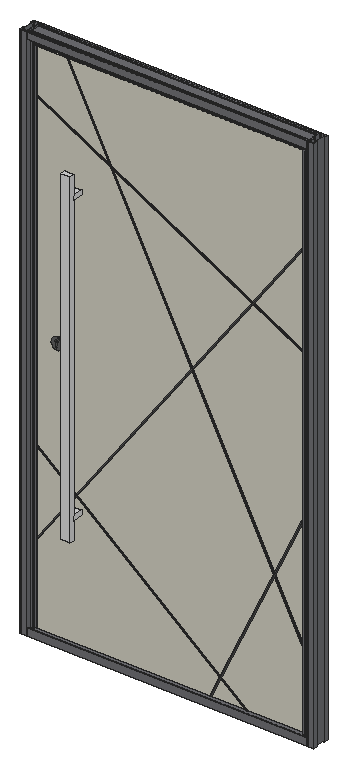
Revit family "YC1324P C2 CHAM RH", category Doors, host Wall, Revit 2024
Family settings
  Host = Wall
  OmniClass Number = 23.30.10.00
  OmniClass Title = Doors
  Always vertical = Yes
  Cut with Voids When Loaded = No
  Shared = No
  Room Calculation Point = No
Parameters
  Function = Interior
  Frame Projection Ext. = 25 mm
  Frame Projection Int. = 25 mm
  Frame Width = 75 mm
  Height = 2380 mm
  Wall Closure = By host
  Width = 1290 mm
  Analytic Construction = "<None>"
Reference planes
  plane 1: y = 0
  plane 2 "Center (Left/Right)": x = 0
  plane 3 "Left": x = -645
  plane 4 "Right": x = 645
  plane 5: z = 2380
  plane 6 "Exterior": y = 75
  plane 7 "Interior": y = -75
  plane 8: z = 33.5
Forms (mm)
  Sweep 1, solid, material "ALUMINIUM CHAR (TEST)"
    path origin (0, 75, 0) x (1, 0, 0) y (0, 0, 1)
      loop
        line (-601.2, 30) -> (-601.2, 2335) -> (600, 2335) -> (600, 30)
    profile origin (-0.6, 75, 2335) x (0, 0, 1) y (0, -1, 0)
      loop
        line (15, 55) -> (2.8, 55) -> (2.8, 61.5) -> (0.5, 61.5) -> (0.5, 88.5) -> (2.8, 88.5) -> (2.8, 95) -> (15, 95) -> (15, 97) -> (-0.5, 97)
        arc (-0.5, 97) -> (-1.207, 96.707) -> (-1.5, 96) r 1
        line (-1.5, 96) -> (-1.5, 93.9) -> (-0.5, 93.9) -> (-0.5, 95) -> (1, 95) -> (1, 90.5) -> (-0.5, 90.5) -> (-0.5, 91.631) -> (-1.5, 91.631) -> (-1.5, 58.369) -> (-0.5, 58.369) -> (-0.5, 59.5) -> (1, 59.5) -> (1, 55) -> (-0.5, 55) -> (-0.5, 56.1) -> (-1.5, 56.1) -> (-1.5, 54)
        arc (-1.5, 54) -> (-1.207, 53.293) -> (-0.5, 53) r 1
        line (-0.5, 53) -> (15, 53) -> (15, 55)
  Extrusion 2, solid, material "ALUMINIUM CHAR (TEST)"
    sketch origin (0, 0, 0) x (0, 1, 0) y (0, 0, 1)
      loop
        line (37.5, 2380) -> (22, 2380) -> (22, 2378.5) -> (24.5, 2378.5) -> (24.5, 2375.5) -> (-24.5, 2375.5) -> (-24.5, 2378.5) -> (-22, 2378.5) -> (-22, 2380) -> (-37.5, 2380) -> (-37.5, 2350) -> (-4.189, 2350) -> (7.651, 2350) -> (37.5, 2350) -> (37.5, 2380)
      loop
        line (32.168, 2378.2) -> (30.896, 2376.928) -> (29.5, 2378.324) -> (28, 2376.824) -> (26.3, 2378.524) -> (26.3, 2375.8)
        arc (26.3, 2375.8) -> (25.685, 2374.315) -> (24.2, 2373.7) r 2.1
        line (24.2, 2373.7) -> (-24.2, 2373.7)
        arc (-24.2, 2373.7) -> (-25.685, 2374.315) -> (-26.3, 2375.8) r 2.1
        line (-26.3, 2375.8) -> (-26.3, 2378.524) -> (-28, 2376.824) -> (-29.5, 2378.324) -> (-30.896, 2376.928) -> (-32.168, 2378.2) -> (-35.6, 2378.2) -> (-35.6, 2351.8) -> (-32.168, 2351.8) -> (-30.896, 2353.072) -> (-29.5, 2351.676) -> (-28, 2353.176) -> (-26.624, 2351.8) -> (-19.438, 2351.8) -> (26.624, 2351.8) -> (28, 2353.176) -> (29.5, 2351.676) -> (30.896, 2353.072) -> (32.168, 2351.8) -> (35.6, 2351.8) -> (35.6, 2378.2) -> (32.168, 2378.2)
      loop
        line (37.5, 0) -> (37.5, 30) -> (7.651, 30) -> (-4.189, 30) -> (-37.5, 30) -> (-37.5, 0) -> (-22, 0) -> (-22, 1.5) -> (-24.5, 1.5) -> (-24.5, 4.5) -> (24.5, 4.5) -> (24.5, 1.5) -> (22, 1.5) -> (22, 0) -> (37.5, 0)
      loop
        line (32.168, 1.8) -> (35.6, 1.8) -> (35.6, 28.2) -> (32.168, 28.2) -> (30.896, 26.928) -> (29.5, 28.324) -> (28, 26.824) -> (26.624, 28.2) -> (-19.438, 28.2) -> (-26.624, 28.2) -> (-28, 26.824) -> (-29.5, 28.324) -> (-30.896, 26.928) -> (-32.168, 28.2) -> (-35.6, 28.2) -> (-35.6, 1.8) -> (-32.168, 1.8) -> (-30.896, 3.072) -> (-29.5, 1.676) -> (-28, 3.176) -> (-26.3, 1.476) -> (-26.3, 4.2)
        arc (-26.3, 4.2) -> (-25.685, 5.685) -> (-24.2, 6.3) r 2.1
        line (-24.2, 6.3) -> (24.2, 6.3)
        arc (24.2, 6.3) -> (25.685, 5.685) -> (26.3, 4.2) r 2.1
        line (26.3, 4.2) -> (26.3, 1.476) -> (28, 3.176) -> (29.5, 1.676) -> (30.896, 3.072) -> (32.168, 1.8)
    from -615 to 615
  Extrusion 3, solid, material "ALUMINIUM CHAR (TEST)"
    sketch origin (0, 0, 30) x (1, 0, 0) y (0, 1, 0)
      loop
        arc (598.5, 21) -> (597.5, 22) -> (596.5, 21) r 1
        line (596.5, 21) -> (596.5, -21.179)
        arc (596.5, -21.179) -> (596.26, -21.76) -> (595.679, -22) r 0.821
        line (595.679, -22) -> (584.5, -22)
        arc (584.5, -22) -> (583.5, -23) -> (584.5, -24) r 1
        line (584.5, -24) -> (597.679, -24)
        arc (597.679, -24) -> (598.26, -23.76) -> (598.5, -23.179) r 0.821
        line (598.5, -23.179) -> (598.5, 21)
      loop
        arc (-599.7, -21) -> (-598.7, -22) -> (-597.7, -21) r 1
        line (-597.7, -21) -> (-597.7, 21.179)
        arc (-597.7, 21.179) -> (-597.459, 21.76) -> (-596.879, 22) r 0.821
        line (-596.879, 22) -> (-585.7, 22)
        arc (-585.7, 22) -> (-584.7, 23) -> (-585.7, 24) r 1
        line (-585.7, 24) -> (-598.879, 24)
        arc (-598.879, 24) -> (-599.459, 23.76) -> (-599.7, 23.179) r 0.821
        line (-599.7, 23.179) -> (-599.7, -21)
    from 0 to 2303.5
  Extrusion 4, solid, material "ALUMINIUM CHAR (TEST)"
    sketch origin (-25, 22, 130) x (1, 0, 0) y (0, 0, 1)
      loop
        line (620, 2199) -> (608, 2199) -> (608, -94) -> (620, -94) -> (620, 2199)
      loop
        line (-570, 2199) -> (-570, -94) -> (-558, -94) -> (-558, 2199) -> (-570, 2199)
    from 0 to 44
  Extrusion 5, solid, material "ALUMINIUM (CHAMPAGNE TEST)"
    sketch origin (-25, 22, 130) x (1, 0, 0) y (0, 0, 1)
      loop
        line (608, 2199) -> (-558, 2199) -> (-558, -94) -> (608, -94) -> (608, 2199)
    from 0 to 4
  Extrusion 6, solid, material "ALUMINIUM (CHAMPAGNE TEST)"
    sketch origin (-25, -22, 130) x (1, 0, 0) y (0, 0, -1)
      loop
        line (608, -2199) -> (608, 94) -> (-558, 94) -> (-558, -2199) -> (608, -2199)
    from 0 to 4
  Extrusion 7, solid, material "ALUMINIUM CHAR (TEST)"
    sketch origin (0, 0, 0) x (1, 0, 0) y (0, 1, 0)
      loop
        line (-645, 37.5) -> (-645, 22) -> (-643.5, 22) -> (-643.5, 24.5) -> (-640.5, 24.5) -> (-640.5, -24.5) -> (-643.5, -24.5) -> (-643.5, -22) -> (-645, -22) -> (-645, -37.5) -> (-615, -37.5) -> (-615, -17) -> (-615.993, -17) -> (-616.394, -18.496) -> (-617.6, -18.496) -> (-617.6, -0.254) -> (-616.306, -0.254) -> (-616.066, -3) -> (-615, -3) -> (-615, 37.5) -> (-645, 37.5)
      loop
        line (-616.8, 26.624) -> (-618.176, 28) -> (-616.676, 29.5) -> (-618.072, 30.896) -> (-616.8, 32.168) -> (-616.8, 35.6) -> (-643.2, 35.6) -> (-643.2, 32.168) -> (-641.928, 30.896) -> (-643.324, 29.5) -> (-641.824, 28) -> (-643.524, 26.3) -> (-640.8, 26.3)
        arc (-640.8, 26.3) -> (-639.315, 25.685) -> (-638.7, 24.2) r 2.1
        line (-638.7, 24.2) -> (-638.7, -24.2)
        arc (-638.7, -24.2) -> (-639.315, -25.685) -> (-640.8, -26.3) r 2.1
        line (-640.8, -26.3) -> (-643.524, -26.3) -> (-641.824, -28) -> (-643.324, -29.5) -> (-641.928, -30.896) -> (-643.2, -32.168) -> (-643.2, -35.6) -> (-616.8, -35.6) -> (-616.8, -32.168) -> (-618.072, -30.896) -> (-616.676, -29.5) -> (-618.176, -28) -> (-616.8, -26.624) -> (-616.8, -20.239)
        arc (-616.8, -20.239) -> (-618.596, -19.852) -> (-619.4, -18.2) r 2.1
        line (-619.4, -18.2) -> (-619.4, -0.55)
        arc (-619.4, -0.55) -> (-618.596, 1.102) -> (-616.8, 1.49) r 2.1
        line (-616.8, 1.49) -> (-616.8, 26.624)
      loop
        line (645, 37.5) -> (615, 37.5) -> (615, -3) -> (616.066, -3) -> (616.306, -0.254) -> (617.6, -0.254) -> (617.6, -18.496) -> (616.394, -18.496) -> (615.993, -17) -> (615, -17) -> (615, -37.5) -> (645, -37.5) -> (645, -22) -> (643.5, -22) -> (643.5, -24.5) -> (640.5, -24.5) -> (640.5, 24.5) -> (643.5, 24.5) -> (643.5, 22) -> (645, 22) -> (645, 37.5)
      loop
        line (616.8, 26.624) -> (616.8, 1.49)
        arc (616.8, 1.49) -> (618.596, 1.102) -> (619.4, -0.55) r 2.1
        line (619.4, -0.55) -> (619.4, -18.2)
        arc (619.4, -18.2) -> (618.596, -19.852) -> (616.8, -20.239) r 2.1
        line (616.8, -20.239) -> (616.8, -26.624) -> (618.176, -28) -> (616.676, -29.5) -> (618.072, -30.896) -> (616.8, -32.168) -> (616.8, -35.6) -> (643.2, -35.6) -> (643.2, -32.168) -> (641.928, -30.896) -> (643.324, -29.5) -> (641.824, -28) -> (643.524, -26.3) -> (640.8, -26.3)
        arc (640.8, -26.3) -> (639.315, -25.685) -> (638.7, -24.2) r 2.1
        line (638.7, -24.2) -> (638.7, 24.2)
        arc (638.7, 24.2) -> (639.315, 25.685) -> (640.8, 26.3) r 2.1
        line (640.8, 26.3) -> (643.524, 26.3) -> (641.824, 28) -> (643.324, 29.5) -> (641.928, 30.896) -> (643.2, 32.168) -> (643.2, 35.6) -> (616.8, 35.6) -> (616.8, 32.168) -> (618.072, 30.896) -> (616.676, 29.5) -> (618.176, 28) -> (616.8, 26.624)
    from 0 to 2380
  Extrusion 8, solid, material "ALUMINIUM BLACK (TEST)"
    sketch origin (405.722, 27.873, 54.377) x (1, 0, 0) y (0, 0, 1)
      loop
        circle (-896.954, 1135.623) r 25
    from 0 to 5
  Extrusion 9, solid, material "ALUMINIUM BLACK (TEST)"
    sketch origin (405.722, -27.873, 54.377) x (1, 0, 0) y (0, 0, -1)
      loop
        circle (-896.954, -1135.623) r 25
    from 0 to 5
  Extrusion 10, void
    sketch origin (140.5, 67.873, 54.377) x (1, 0, 0) y (0, 0, 1)
      loop
        arc (-634.732, 1122.18) -> (-631.732, 1119.18) -> (-628.732, 1122.18) r 3
        line (-628.732, 1122.18) -> (-628.732, 1136.773)
        arc (-628.732, 1136.773) -> (-631.732, 1150.865) -> (-634.732, 1136.773) r 7.365
        line (-634.732, 1136.773) -> (-634.732, 1122.18)
    from 40 to 45
  Extrusion 11, void
    sketch origin (140.5, -67.873, 54.377) x (1, 0, 0) y (0, 0, -1)
      loop
        line (-634.732, -1122.18) -> (-634.732, -1136.773)
        arc (-634.732, -1136.773) -> (-631.732, -1150.865) -> (-628.732, -1136.773) r 7.365
        line (-628.732, -1136.773) -> (-628.732, -1122.18)
        arc (-628.732, -1122.18) -> (-631.732, -1119.18) -> (-634.732, -1122.18) r 3
    from 40 to 45
  Extrusion 12, solid, material "ALUMINIUM BLACK (TEST)"
    sketch origin (-25, 22.873, -130) x (1, 0, 0) y (0, 0, 1)
      loop
        line (608, 510.74) -> (608, 519.26) -> (-423.378, 2459) -> (-427.908, 2459) -> (608, 510.74)
    from 0 to 0.873
  Extrusion 13, solid, material "ALUMINIUM BLACK (TEST)"
    sketch origin (1203.467, 22.873, 1407.12) x (-0.422618, 0, 0.906308) y (-0.906308, 0, -0.422618)
      loop
        line (737.338, 340.783) -> (743.362, 337.974) -> (-166.226, 2048.661) -> (-172.25, 2051.47) -> (737.338, 340.783)
    from 0 to 0.873
  Extrusion 14, solid, material "ALUMINIUM BLACK (TEST)"
    sketch origin (-648.998, 22.873, -426.515) x (0.587785, 0, -0.809017) y (0.809017, 0, 0.587785)
      loop
        line (111.93, 940.936) -> (114.546, 944.536) -> (-314.393, 1751.253) -> (-321.775, 1756.617) -> (111.93, 940.936)
    from 0 to 0.873
  Extrusion 15, solid, material "Stainless Steel Lever Handle"
    sketch origin (-1264.348, 72.873, -151.123) x (-1, 0, 0) y (0, 0, -1)
      loop
        line (-878.538, -1980) -> (-838.538, -1980) -> (-838.538, -1960) -> (-878.538, -1960) -> (-878.538, -1980)
      loop
        line (-878.538, -700) -> (-878.538, -720) -> (-838.538, -720) -> (-838.538, -700) -> (-878.538, -700)
    from 5 to 50
  Extrusion 16, solid, material "Stainless Steel Lever Handle"
    sketch origin (14.789, 87.873, 93.877) x (1, 0, 0) y (0, 0, 1)
      loop
        line (-400.6, 375) -> (-400.6, 1815) -> (-440.6, 1815) -> (-440.6, 375) -> (-400.6, 375)
    from 0 to 20
  Extrusion 17, solid, material "Stainless Steel Lever Handle"
    sketch origin (-1264.348, -72.873, -151.123) x (-1, 0, 0) y (0, 0, 1)
      loop
        line (-878.538, 1980) -> (-878.538, 1960) -> (-838.538, 1960) -> (-838.538, 1980) -> (-878.538, 1980)
      loop
        line (-878.538, 700) -> (-838.538, 700) -> (-838.538, 720) -> (-878.538, 720) -> (-878.538, 700)
    from 5 to 50
  Extrusion 18, solid, material "Stainless Steel Lever Handle"
    sketch origin (14.789, -87.873, 93.877) x (1, 0, 0) y (0, 0, -1)
      loop
        line (-400.6, -375) -> (-440.6, -375) -> (-440.6, -1815) -> (-400.6, -1815) -> (-400.6, -375)
    from 0 to 20
  Extrusion 19, solid, material "ALUMINIUM BLACK (TEST)"
    sketch origin (-25, -22.873, -130) x (1, 0, 0) y (0, 0, -1)
      loop
        line (608, -510.74) -> (-427.908, -2459) -> (-423.378, -2459) -> (608, -519.26) -> (608, -510.74)
    from 0 to 0.873
  Extrusion 20, solid, material "ALUMINIUM BLACK (TEST)"
    sketch origin (1203.467, -22.873, 1407.12) x (-0.422618, 0, 0.906308) y (0.906308, 0, 0.422618)
      loop
        line (737.338, -340.783) -> (-172.25, -2051.47) -> (-166.226, -2048.661) -> (743.362, -337.974) -> (737.338, -340.783)
    from 0 to 0.873
  Extrusion 21, solid, material "ALUMINIUM BLACK (TEST)"
    sketch origin (-648.998, -22.873, -426.515) x (0.587785, 0, -0.809017) y (-0.809017, 0, -0.587785)
      loop
        line (111.93, -940.936) -> (-321.775, -1756.617) -> (-314.393, -1751.253) -> (114.546, -944.536) -> (111.93, -940.936)
    from 0 to 0.873
  Extrusion 22, solid, material "ALUMINIUM BLACK (TEST)"
    sketch origin (621.411, 22.873, 500.991) x (0.819152, 0, 0.573576) y (-0.573576, 0, 0.819152)
      loop
        line (562.789, 870.713) -> (565.364, 874.391) -> (-49.002, 2029.845) -> (-51.577, 2026.167) -> (562.789, 870.713)
    from 0 to 0.873
  Extrusion 23, solid, material "ALUMINIUM BLACK (TEST)"
    sketch origin (621.411, -22.873, 500.991) x (0.819152, 0, 0.573576) y (0.573576, 0, -0.819152)
      loop
        line (562.789, -870.713) -> (-51.577, -2026.167) -> (-49.002, -2029.845) -> (565.364, -874.391) -> (562.789, -870.713)
    from 0 to 0.873
  Extrusion 24, solid, material "ALUMINIUM BLACK (TEST)"
    sketch origin (309.44, 22.873, -1060.817) x (0.913545, 0, 0.406737) y (-0.406737, 0, 0.913545)
      loop
        line (468.983, 991.811) -> (474.918, 989.168) -> (-75.552, 2024.452) -> (-77.617, 2019.815) -> (468.983, 991.811)
    from 0 to 0.873
  Extrusion 25, solid, material "ALUMINIUM BLACK (TEST)"
    sketch origin (309.44, -22.873, -1060.817) x (0.913545, 0, 0.406737) y (0.406737, 0, -0.913545)
      loop
        line (468.983, -991.811) -> (-77.617, -2019.815) -> (-75.552, -2024.452) -> (474.918, -989.168) -> (468.983, -991.811)
    from 0 to 0.873
Cuts and joins
  Extrusion 10 cuts Extrusion 8
  Extrusion 11 cuts Extrusion 9
Lines and regions (mm)
  Opening 1
    outline origin (-3050, -75, 0) x (1, 0, 0) y (0, 0, 1)
      loop
        line (2405, 0) -> (3695, 0) -> (3695, 2380) -> (2405, 2380) -> (2405, 0)
  model lines
    curve 1: line (-602.851, 22.5, 0) -> (602.851, 22.5, 0)
    curve 2: line (-603, -13, 0) -> (603, -13, 0)
    curve 8: line (300, -22.5, 0) -> (300, -925.5, 0)
    curve 9: arc (-603, -22.5, 0) -> (-338.517, -661.017, 0) -> (300, -925.5, 0) r 903
    curve 10: line (300, 13, 0) -> (300, 316, 0)
    curve 11: arc (300, 316, 0) -> (514.253, 227.253, 0) -> (603, 13, 0) r 303
  symbolic lines, style "Elevation Swing"
    curve 3: line (-600.7, -75, 1190) -> (300, -75, 2338)
    curve 4: line (-600.7, -75, 1190) -> (300, -75, 0)
    curve 5: line (603, -75, 1190) -> (300, -75, 2338)
    curve 6: line (603, -75, 1190) -> (300, -75, 0)
  model lines, style "Elevation Swing"
    curve 7: line (300, 0, 0) -> (300, 0, 2338)
Text (mm)
  text "Exterior" at (-2295.016, 1099.543, 0), in view "Ref. Level"
  text "Exterior" at (0, 1615.38, 3698.081), in view "Left"
  text "Exterior" at (0, 1036.032, 3874.932), in view "Right"
Dimensions and locks
  equal spacing: plane 3 "Left", plane 2 "Center (Left/Right)", plane 4 "Right"
  "Width": plane 3 "Left" to plane 4 "Right"
  "Height": plane 5 to host wall
  host wall to plane 5 = 2380 mm  (x2)
  locked: plane 6 "Exterior" to host wall
  locked: plane 7 "Interior" to host wall
  plane 3 "Left" to plane 4 "Right" = 1290 mm  (x2)
  aligned and locked: plane 3 "Left" to Opening 1 sketch curve
  aligned and locked: plane 5 to Opening 1 sketch curve  (x2)
  aligned and locked: Opening 1 sketch curve to plane 4 "Right"
  aligned and locked: Opening 1 sketch curve to level
  aligned and locked: plane 1 to host wall
Automatic sketch dimensions
  curve 7 to level = 0 mm
  plane 5 to curve 7 = 42 mm
  plane 2 "Center (Left/Right)" to curve 7 = 300 mm
  curve 4 to level = 0 mm
  curve 4 to plane 3 "Left" = 44.3 mm
  plane 2 "Center (Left/Right)" to curve 4 = 300 mm
  plane 5 to curve 5 = 42 mm
  plane 2 "Center (Left/Right)" to curve 5 = 300 mm
  plane 4 "Right" to curve 6 = 42 mm
  plane 8 to curve 4 = 1156.5 mm
  plane 8 to curve 5 = 1156.5 mm
  plane 2 "Center (Left/Right)" to curve 8 = 300 mm
  curve 11 to host wall = 13 mm
  curve 11 to curve 8 = 0 mm
  host wall to curve 9 = 22.5 mm
  host wall to curve 8 = 850.5 mm
  host wall to curve 10 = 241 mm
  curve 1 to plane 3 "Left" = 42.149 mm
  curve 2 to curve 9 = 0 mm
  curve 1 to curve 11 = 0.149 mm
  host wall to curve 2 = 13 mm
  curve 2 to curve 11 = 0 mm
  curve 8 to curve 9 = 0 mm
  curve 10 to curve 11 = 0 mm
  Sweep 1 sketch curve to plane 3 "Left" = 43.8 mm
  plane 4 "Right" to Sweep 1 sketch curve = 45 mm
  plane 5 to Sweep 1 sketch curve = 45 mm
  Sweep 1 sketch curve to plane 8 = 3.5 mm  (x2)
  profile plane to Sweep 1 sketch curve = 1.5 mm  (x3)
  profile plane to Sweep 1 sketch curve = 0.5 mm  (x6)
  Sweep 1 sketch curve to profile plane = 0.5 mm
  Sweep 1 sketch curve to profile plane = 1 mm  (x2)
  Sweep 1 sketch curve to Sweep 1 sketch curve = 1.8 mm
  Sweep 1 sketch curve to Sweep 1 sketch curve = 2.3 mm
  Sweep 1 sketch curve to Sweep 1 sketch curve = 12.2 mm  (x2)
  plane 6 "Exterior" to Sweep 1 sketch curve = 53 mm
  Sweep 1 sketch curve to Sweep 1 sketch curve = 1 mm  (x3)
  Sweep 1 sketch curve to Sweep 1 sketch curve = 1.1 mm  (x2)
  Sweep 1 sketch curve to Sweep 1 sketch curve = 2.269 mm  (x2)
  Sweep 1 sketch curve to Sweep 1 sketch curve = 1.131 mm  (x2)
  Sweep 1 sketch curve to Sweep 1 sketch curve = 2 mm  (x2)
  Sweep 1 sketch curve to Sweep 1 sketch curve = 27 mm
  Sweep 1 sketch curve to Sweep 1 sketch curve = 6.5 mm
  Extrusion 2 sketch curve to level = 0 mm  (x2)
  plane 5 to Extrusion 2 sketch curve = 0 mm  (x2)
  host wall to Extrusion 2 sketch curve = 37.5 mm  (x2)
  Extrusion 2 sketch curve to plane 8 = 3.5 mm
  Extrusion 2 sketch curve to Extrusion 2 sketch curve = 1.9 mm  (x4)
  Extrusion 2 sketch curve to Extrusion 2 sketch curve = 3.432 mm  (x6)
  Extrusion 2 sketch curve to plane 8 = 5.3 mm  (x2)
  plane 5 to Extrusion 2 sketch curve = 3.072 mm  (x2)
  Extrusion 2 sketch curve to Extrusion 2 sketch curve = 1.272 mm  (x11)
  Extrusion 2 sketch curve to plane 8 = 6.572 mm  (x2)
  level to Extrusion 2 sketch curve = 3.072 mm  (x2)
  Extrusion 2 sketch curve to Extrusion 2 sketch curve = 1.396 mm  (x7)
  Extrusion 2 sketch curve to plane 8 = 5.176 mm  (x2)
  plane 5 to Extrusion 2 sketch curve = 1.676 mm  (x2)
  level to Extrusion 2 sketch curve = 1.676 mm  (x2)
  plane 5 to Extrusion 2 sketch curve = 3.176 mm  (x2)
  Extrusion 2 sketch curve to Extrusion 2 sketch curve = 1.5 mm  (x4)
  level to Extrusion 2 sketch curve = 3.176 mm  (x2)
  Extrusion 2 sketch curve to plane 8 = 6.676 mm  (x2)
  Extrusion 2 sketch curve to Extrusion 2 sketch curve = 1.376 mm  (x4)
  Extrusion 2 sketch curve to Extrusion 2 sketch curve = 1.7 mm  (x4)
  Extrusion 2 sketch curve to Extrusion 2 sketch curve = 1.8 mm  (x4)
  Extrusion 2 sketch curve to Extrusion 2 sketch curve = 0.3 mm  (x6)
  Extrusion 2 sketch curve to Extrusion 2 sketch curve = 2.5 mm  (x2)
  Extrusion 2 sketch curve to Extrusion 2 sketch curve = 7.186 mm  (x2)
  host wall to Extrusion 2 sketch curve = 4.189 mm  (x2)
  Extrusion 2 sketch curve to host wall = 7.651 mm  (x2)
  level to Extrusion 2 sketch curve = 1.5 mm  (x2)
  Extrusion 2 sketch curve to host wall = 22 mm  (x2)
  Extrusion 2 sketch curve to Extrusion 2 sketch curve = 2.2 mm  (x2)
  plane 5 to Extrusion 2 sketch curve = 1.476 mm
  level to Extrusion 2 sketch curve = 1.476 mm
  Extrusion 2 sketch curve to Extrusion 2 sketch curve = 18.973 mm  (x2)
  Extrusion 2 sketch curve to Extrusion 2 sketch curve = 1.024 mm
  Extrusion 2 sketch curve to Extrusion 2 sketch curve = 26.928 mm
  Extrusion 2 sketch curve to Extrusion 2 sketch curve = 1.676 mm  (x2)
  Extrusion 2 sketch curve to Extrusion 2 sketch curve = 0.124 mm  (x2)
  Extrusion 2 sketch curve to Extrusion 2 sketch curve = 3.124 mm
  plane 5 to Extrusion 2 sketch curve = 1.5 mm  (x2)
  Extrusion 3 sketch curve to plane 3 "Left" = 45.3 mm
  Extrusion 3 sketch curve to Extrusion 3 sketch curve = 0.821 mm  (x4)
  Extrusion 3 sketch curve to Extrusion 3 sketch curve = 1 mm  (x4)
  Extrusion 3 sketch curve to Extrusion 3 sketch curve = 11.179 mm  (x2)
  host wall to Extrusion 3 sketch curve = 24 mm
  plane 4 "Right" to Extrusion 3 sketch curve = 60.5 mm
  host wall to Extrusion 3 sketch curve = 21 mm
  Extrusion 3 sketch curve to host wall = 21 mm
  Extrusion 3 sketch curve to host wall = 21.179 mm
  Extrusion 4 sketch curve to plane 3 "Left" = 50 mm
  plane 8 to Extrusion 4 sketch curve = 2.5 mm  (x2)
  Extrusion 4 sketch curve to Extrusion 4 sketch curve = 12 mm  (x2)
  plane 4 "Right" to Extrusion 4 sketch curve = 62 mm
  plane 5 to Extrusion 4 sketch curve = 51 mm  (x2)
  Extrusion 5 sketch curve to plane 3 "Left" = 62 mm
  plane 8 to Extrusion 5 sketch curve = 2.5 mm
  plane 4 "Right" to Extrusion 5 sketch curve = 62 mm
  plane 5 to Extrusion 5 sketch curve = 51 mm
  Extrusion 6 sketch curve to plane 3 "Left" = 62 mm
  plane 8 to Extrusion 6 sketch curve = 2.5 mm
  plane 4 "Right" to Extrusion 6 sketch curve = 62 mm
  plane 5 to Extrusion 6 sketch curve = 51 mm
  Extrusion 7 sketch curve to plane 3 "Left" = 0 mm  (x2)
  Extrusion 7 sketch curve to plane 4 "Right" = 0 mm  (x2)
  Extrusion 7 sketch curve to plane 3 "Left" = 1.476 mm  (x2)
  Extrusion 7 sketch curve to plane 3 "Left" = 1.5 mm  (x2)
  Extrusion 7 sketch curve to plane 3 "Left" = 1.676 mm  (x2)
  Extrusion 7 sketch curve to plane 3 "Left" = 1.8 mm  (x2)
  Extrusion 7 sketch curve to Extrusion 7 sketch curve = 1.272 mm  (x12)
  Extrusion 7 sketch curve to Extrusion 7 sketch curve = 1.5 mm  (x4)
  Extrusion 7 sketch curve to Extrusion 7 sketch curve = 1.024 mm  (x4)
  Extrusion 7 sketch curve to Extrusion 7 sketch curve = 0.3 mm  (x8)
  Extrusion 7 sketch curve to Extrusion 7 sketch curve = 1.8 mm  (x8)
  host wall to Extrusion 7 sketch curve = 0.55 mm  (x2)
  Extrusion 7 sketch curve to plane 3 "Left" = 25.6 mm
  Extrusion 7 sketch curve to Extrusion 7 sketch curve = 20.524 mm
  Extrusion 7 sketch curve to Extrusion 7 sketch curve = 1.224 mm
  Extrusion 7 sketch curve to Extrusion 7 sketch curve = 0.104 mm  (x4)
  Extrusion 7 sketch curve to Extrusion 7 sketch curve = 1.376 mm  (x8)
  Extrusion 7 sketch curve to Extrusion 7 sketch curve = 1.396 mm  (x6)
  Extrusion 7 sketch curve to Extrusion 7 sketch curve = 0.906 mm  (x2)
  host wall to Extrusion 7 sketch curve = 0.254 mm  (x2)
  Extrusion 7 sketch curve to Extrusion 7 sketch curve = 0.994 mm  (x2)
  Extrusion 7 sketch curve to Extrusion 7 sketch curve = 1.234 mm
  Extrusion 7 sketch curve to Extrusion 7 sketch curve = 0.401 mm  (x2)
  plane 4 "Right" to Extrusion 7 sketch curve = 30 mm
  Extrusion 7 sketch curve to Extrusion 7 sketch curve = 0 mm
  Extrusion 7 sketch curve to Extrusion 7 sketch curve = 0.993 mm
  Extrusion 7 sketch curve to Extrusion 7 sketch curve = 1.066 mm
  Extrusion 7 sketch curve to Extrusion 7 sketch curve = 0.24 mm
  Extrusion 7 sketch curve to Extrusion 7 sketch curve = 1.676 mm  (x2)
  Extrusion 7 sketch curve to Extrusion 7 sketch curve = 0.124 mm  (x4)
  plane 4 "Right" to Extrusion 7 sketch curve = 6.3 mm
  plane 4 "Right" to Extrusion 7 sketch curve = 1.676 mm  (x2)
  plane 4 "Right" to Extrusion 7 sketch curve = 1.5 mm  (x2)
  plane 4 "Right" to Extrusion 7 sketch curve = 1.476 mm  (x2)
  Extrusion 7 sketch curve to Extrusion 7 sketch curve = 2.45 mm  (x2)
  Extrusion 7 sketch curve to Extrusion 7 sketch curve = 14 mm  (x2)
  Extrusion 7 sketch curve to Extrusion 7 sketch curve = 1.2 mm  (x2)
  Extrusion 7 sketch curve to Extrusion 7 sketch curve = 0.296 mm  (x2)
  host wall to Extrusion 7 sketch curve = 22 mm  (x2)
  Extrusion 7 sketch curve to Extrusion 7 sketch curve = 2.2 mm  (x4)
  Extrusion 7 sketch curve to Extrusion 7 sketch curve = 6.385 mm  (x2)
  Extrusion 7 sketch curve to Extrusion 7 sketch curve = 1.7 mm  (x4)
  Extrusion 7 sketch curve to Extrusion 7 sketch curve = 3.432 mm  (x4)
  Extrusion 7 sketch curve to Extrusion 7 sketch curve = 1.9 mm  (x4)
  Extrusion 7 sketch curve to host wall = 22 mm  (x2)
  Extrusion 7 sketch curve to Extrusion 7 sketch curve = 2.424 mm  (x2)
  Extrusion 8 sketch curve to plane 3 "Left" = 153.768 mm
  plane 8 to Extrusion 8 sketch curve = 1156.5 mm
  Extrusion 9 sketch curve to plane 3 "Left" = 153.768 mm
  plane 8 to Extrusion 9 sketch curve = 1156.5 mm
  Extrusion 10 sketch curve to plane 3 "Left" = 150.768 mm
  Extrusion 10 sketch curve to Extrusion 10 sketch curve = 3 mm  (x2)
  plane 8 to Extrusion 10 sketch curve = 1143.058 mm
  Extrusion 10 sketch curve to Extrusion 10 sketch curve = 14.593 mm
  Extrusion 10 sketch curve to Extrusion 10 sketch curve = 6.726 mm
  Extrusion 11 sketch curve to plane 3 "Left" = 150.768 mm
  Extrusion 11 sketch curve to Extrusion 11 sketch curve = 3 mm  (x2)
  plane 8 to Extrusion 11 sketch curve = 1164.377 mm
  Extrusion 11 sketch curve to Extrusion 11 sketch curve = 6.726 mm
  Extrusion 11 sketch curve to Extrusion 11 sketch curve = 14.593 mm
  plane 5 to Extrusion 12 sketch curve = 51 mm
  Extrusion 12 sketch curve to plane 3 "Left" = 192.092 mm
  Extrusion 12 sketch curve to Extrusion 12 sketch curve = 4.53 mm
  plane 4 "Right" to Extrusion 12 sketch curve = 62 mm
  plane 8 to Extrusion 12 sketch curve = 355.76 mm
  Extrusion 12 sketch curve to Extrusion 12 sketch curve = 8.52 mm
  Extrusion 13 sketch curve to plane 3 "Left" = 62 mm
  plane 8 to Extrusion 13 sketch curve = 350.52 mm
  Extrusion 13 sketch curve to Extrusion 13 sketch curve = 6.024 mm  (x2)
  Extrusion 13 sketch curve to Extrusion 13 sketch curve = 903.564 mm
  Extrusion 13 sketch curve to Extrusion 13 sketch curve = 2.809 mm  (x2)
  Extrusion 13 sketch curve to Extrusion 13 sketch curve = 1707.878 mm
  plane 4 "Right" to Extrusion 14 sketch curve = 62 mm
  plane 8 to Extrusion 14 sketch curve = 832.82 mm
  Extrusion 14 sketch curve to Extrusion 14 sketch curve = 7.382 mm
  Extrusion 14 sketch curve to Extrusion 14 sketch curve = 426.323 mm
  Extrusion 14 sketch curve to Extrusion 14 sketch curve = 2.616 mm
  Extrusion 14 sketch curve to Extrusion 14 sketch curve = 5.363 mm
  Extrusion 14 sketch curve to Extrusion 14 sketch curve = 806.717 mm
  Extrusion 14 sketch curve to Extrusion 14 sketch curve = 3.6 mm
  Extrusion 15 sketch curve to plane 3 "Left" = 259.19 mm  (x2)
  Extrusion 15 sketch curve to Extrusion 15 sketch curve = 40 mm  (x2)
  plane 5 to Extrusion 15 sketch curve = 551.123 mm
  Extrusion 15 sketch curve to Extrusion 15 sketch curve = 20 mm  (x2)
  plane 8 to Extrusion 15 sketch curve = 535.377 mm
  Extrusion 16 sketch curve to plane 3 "Left" = 219.19 mm
  Extrusion 16 sketch curve to Extrusion 16 sketch curve = 40 mm
  plane 8 to Extrusion 16 sketch curve = 435.377 mm
  plane 5 to Extrusion 16 sketch curve = 471.123 mm
  Extrusion 17 sketch curve to plane 3 "Left" = 259.19 mm  (x2)
  Extrusion 17 sketch curve to Extrusion 17 sketch curve = 40 mm  (x2)
  plane 8 to Extrusion 17 sketch curve = 515.377 mm
  Extrusion 17 sketch curve to Extrusion 17 sketch curve = 20 mm  (x2)
  plane 5 to Extrusion 17 sketch curve = 571.123 mm
  Extrusion 18 sketch curve to plane 3 "Left" = 219.19 mm
  Extrusion 18 sketch curve to Extrusion 18 sketch curve = 40 mm
  plane 5 to Extrusion 18 sketch curve = 471.123 mm
  plane 8 to Extrusion 18 sketch curve = 435.377 mm
  plane 5 to Extrusion 19 sketch curve = 51 mm
  Extrusion 19 sketch curve to plane 3 "Left" = 192.092 mm
  Extrusion 19 sketch curve to Extrusion 19 sketch curve = 4.53 mm
  plane 4 "Right" to Extrusion 19 sketch curve = 62 mm
  plane 8 to Extrusion 19 sketch curve = 355.76 mm
  Extrusion 19 sketch curve to Extrusion 19 sketch curve = 8.52 mm
  Extrusion 20 sketch curve to plane 3 "Left" = 62 mm
  plane 8 to Extrusion 20 sketch curve = 350.52 mm
  Extrusion 20 sketch curve to Extrusion 20 sketch curve = 6.024 mm  (x2)
  Extrusion 20 sketch curve to Extrusion 20 sketch curve = 903.564 mm
  Extrusion 20 sketch curve to Extrusion 20 sketch curve = 2.809 mm  (x2)
  Extrusion 20 sketch curve to Extrusion 20 sketch curve = 1707.878 mm
  plane 4 "Right" to Extrusion 21 sketch curve = 62 mm
  plane 8 to Extrusion 21 sketch curve = 832.82 mm
  Extrusion 21 sketch curve to Extrusion 21 sketch curve = 7.382 mm
  Extrusion 21 sketch curve to Extrusion 21 sketch curve = 426.323 mm
  Extrusion 21 sketch curve to Extrusion 21 sketch curve = 2.616 mm
  Extrusion 21 sketch curve to Extrusion 21 sketch curve = 5.363 mm
  Extrusion 21 sketch curve to Extrusion 21 sketch curve = 806.717 mm
  Extrusion 21 sketch curve to Extrusion 21 sketch curve = 3.6 mm
  Extrusion 22 sketch curve to plane 3 "Left" = 62 mm
  plane 5 to Extrusion 22 sketch curve = 248.853 mm
  Extrusion 22 sketch curve to Extrusion 22 sketch curve = 2.575 mm  (x2)
  Extrusion 22 sketch curve to Extrusion 22 sketch curve = 614.366 mm
  Extrusion 22 sketch curve to Extrusion 22 sketch curve = 1151.776 mm
  Extrusion 22 sketch curve to Extrusion 22 sketch curve = 3.677 mm  (x2)
  Extrusion 23 sketch curve to plane 3 "Left" = 62 mm
  plane 5 to Extrusion 23 sketch curve = 248.853 mm
  Extrusion 23 sketch curve to Extrusion 23 sketch curve = 2.575 mm  (x2)
  Extrusion 23 sketch curve to Extrusion 23 sketch curve = 614.366 mm
  Extrusion 23 sketch curve to Extrusion 23 sketch curve = 3.677 mm  (x2)
  Extrusion 23 sketch curve to Extrusion 23 sketch curve = 1151.776 mm
  Extrusion 24 sketch curve to plane 3 "Left" = 62 mm
  plane 8 to Extrusion 24 sketch curve = 719.307 mm
  Extrusion 24 sketch curve to Extrusion 24 sketch curve = 2.065 mm
  Extrusion 24 sketch curve to Extrusion 24 sketch curve = 546.6 mm
  Extrusion 24 sketch curve to Extrusion 24 sketch curve = 5.935 mm
  Extrusion 24 sketch curve to Extrusion 24 sketch curve = 1028.004 mm
  Extrusion 24 sketch curve to Extrusion 24 sketch curve = 2.643 mm
  Extrusion 24 sketch curve to Extrusion 24 sketch curve = 4.637 mm
  Extrusion 25 sketch curve to plane 3 "Left" = 62 mm
  plane 8 to Extrusion 25 sketch curve = 719.307 mm
  Extrusion 25 sketch curve to Extrusion 25 sketch curve = 2.065 mm
  Extrusion 25 sketch curve to Extrusion 25 sketch curve = 546.6 mm
  Extrusion 25 sketch curve to Extrusion 25 sketch curve = 5.935 mm
  Extrusion 25 sketch curve to Extrusion 25 sketch curve = 4.637 mm
  Extrusion 25 sketch curve to Extrusion 25 sketch curve = 1028.004 mm
  Extrusion 25 sketch curve to Extrusion 25 sketch curve = 2.643 mm
  radius of Extrusion 8 sketch curve = 25 mm
  radius of Extrusion 9 sketch curve = 25 mm
